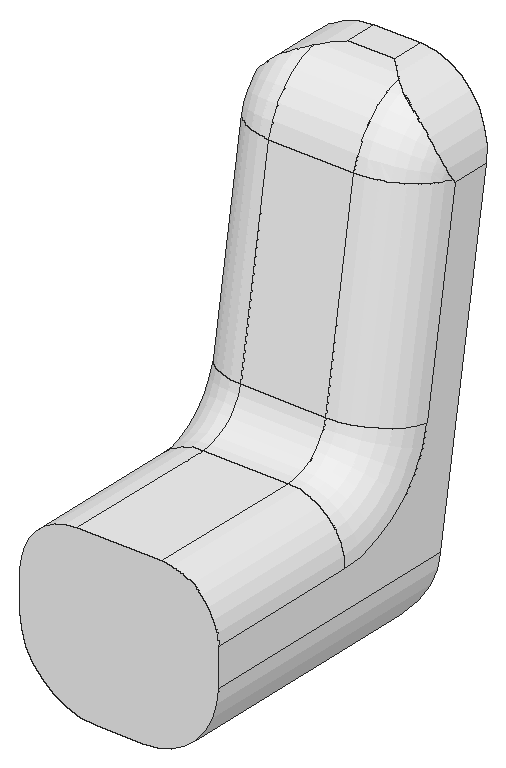
Revit family "LQ6010001_Percha", category Furniture, host Wall, Revit 2019
Family settings
  Host = Wall
  OmniClass Number = 23.31.25.19
  OmniClass Title = Restroom Paper Towel Accessories
  Always vertical = Yes
  Cut with Voids When Loaded = No
  Shared = No
  Room Calculation Point = No
Parameters (values of type "Type 1")
  Uso = "Residencial"  # constant formula
  URL = "https://corona.co/productos/accesorios/kit-de-accesorios/kit-por-6-accesorios-liquid/p/LQ6080001"
  Tecnologías = "DuraCrome"  # constant formula
  Resistencia = "Resistente a la corrosión\r\npelado y decoloración por agua\r\nResistencia al peso general hasta 9 kg\r\nResistencia al peso del toallero barra hasta 23 kg"  # constant formula
  Referencia = "LQ6030001"  # constant formula
  Profundidad = 36.8 mm  # constant formula
  Número de piezas = "6"  # constant formula
  Material = Corona_Cromado
  Manufacturer = "Corona"  # constant formula
  Línea = "Liquid"  # constant formula
  Garantía Acabados = "5 años en acabados"  # constant formula
  Garantía = "30 años en estructura"  # constant formula
  Fecha de creación = "13/08/2020"  # constant formula
  Description = "La línea de griferías, duchas y accesorios Liquid se inspira en la tensión superficial del agua y en cómo esta crea formas armoniosas adaptándose al ambiente. Al igual que el agua, las superficies de las griferías Liquid juegan con la luz y los reflejos que fluyen alrededor de sus formas. Sus líneas continuas y simplicidad formal proporcionan la ventaja práctica, limpieza sin esfuerzo."  # constant formula
  Creado por = "IDD"  # constant formula
  Componentes = "Percha - Toallero - Jabonera - Barra - Cepillera - Portarrollo"  # constant formula
  Colección = "Liquid"  # constant formula
  Ancho = 21 mm  # constant formula
  Altura = 900 mm
  Alto = 50.3 mm  # constant formula
Reference planes
  plane 1 "Wall": y = 0
  plane 2 "Center (Left/Right)": x = 125
  plane 3 "Back": y = 75
  plane 4: z = 900
  plane 5: x = 135.5
  plane 6: x = 114.5
  plane 7: z = 925.15
  plane 8: z = 874.85
  plane 9: y = 111.8
Text (mm)
  text "Placement Side" at (-1848.837, 1116.779, 0), in view "Ref. Level"
  text "Placement side" at (0, 1409.804, 2854.306), in view "Left"
  text "Placement side" at (0, 499.811, 2980.732), in view "Right"
Dimensions and locks
  locked: plane 3 "Back" to host wall
  equal spacing: plane 8, plane 4, plane 7
  "Alto": plane 8 to plane 7
  equal spacing: plane 6, plane 2 "Center (Left/Right)", plane 5
  "Ancho": plane 6 to plane 5
  "Profundidad": plane 9 to host wall
  plane 4 to plane 8 = 25.15 mm
  "Altura": plane 4 to level
  aligned and locked: plane 1 "Wall" to host wall
  aligned and locked: nested 1 to plane 7
  aligned and locked: nested 3 to plane 7
  aligned and locked: nested 3 to plane 5
  aligned and locked: nested 4 to plane 9
  aligned and locked: nested 4 to plane 5
  aligned and locked: plane 7 to nested 2
  aligned and locked: host wall to nested 2
Nested families
  nested 1: "Lateral" at (125, 75, 874.85) x (0, -1, 0) z (1, 0, 0), type "Lateral"
  nested 2: "Percha" at (114.5, 93.4, 874.85), type "Percha"
  nested 3: "Frontal" at (135.5, 0, 874.85) x (-1, 0, 0) z (0, -1, 0), type "Frontal"
  nested 4: "Planta" at (114.5, 75, 0), type "Planta"
Definition of nested family "Percha"
  Parameters (values of type "Portarrollo")
    Profundidad = 36.8 mm
    Material = none
    Ancho = 21 mm
    Alto = 50.3 mm
  Reference planes
    plane 1 "Center (Front/Back)": y = 0
    plane 2: z = 0
    plane 3 "Center (Left/Right)": x = 0
    plane 4: x = 21
    plane 5: y = 18.4
    plane 6: y = -18.4
    plane 7: z = 50.3
  Forms (mm)
    Extrusion 1, solid, material <- "Material", detail levels coarse
      sketch origin (0, 0, 0) x (1, 0, 0) y (0, 1, 0)
        loop
          line (0, 18.4) -> (0, -18.4) -> (21, -18.4) -> (21, 18.4) -> (0, 18.4)
      from 0 to 50.3
    Extrusion 2, solid, material <- "Material", detail levels medium+fine
      sketch origin (0, 0, 0) x (1, 0, 0) y (0, 0, 1)
        loop
          arc (8, 50.3) -> (2.343, 47.957) -> (0, 42.3) r 8
          line (0, 42.3) -> (0, 8)
          arc (0, 8) -> (2.343, 2.343) -> (8, 0) r 8
          line (8, 0) -> (13, 0)
          arc (13, 0) -> (18.657, 2.343) -> (21, 8) r 8
          line (21, 8) -> (21, 42.3)
          arc (21, 42.3) -> (18.657, 47.957) -> (13, 50.3) r 8
          line (13, 50.3) -> (8, 50.3)
      from -18.4 to 18.4
    Extrusion 3, void, detail levels medium+fine
      sketch origin (0, 0, 0) x (0, 1, 0) y (0, 0, 1)
        loop
          line (18.4, 50.3) -> (10.551, 5.784)
          arc (10.551, 5.784) -> (8.157, 1.638) -> (3.657, 0) r 7
          line (3.657, 0) -> (18.4, 0) -> (18.4, 50.3)
      from 0 to 250
    Sweep 4, void
      path origin (0, 0, 0) x (0, 1, 0) y (0, 0, 1)
        loop
          line (-18.4, 18) -> (-1.645, 18)
          arc (-1.645, 18) -> (1.569, 19.17) -> (3.279, 22.132) r 5
          line (3.279, 22.132) -> (7.08, 43.689)
          arc (7.08, 43.689) -> (9.816, 48.428) -> (14.959, 50.3) r 8
          line (14.959, 50.3) -> (18.4, 50.3)
      profile origin (0, -10.023, 18) x (0, 0, 1) y (1, 0, 0)
        loop
          arc (0, 6) -> (-1.757, 1.757) -> (-6, 0) r 6
          line (-6, 0) -> (2.9, 0) -> (2.9, 21) -> (-6, 21)
          arc (-6, 21) -> (-1.757, 19.243) -> (0, 15) r 6
          line (0, 15) -> (0, 6)
    Extrusion 5, void
      sketch origin (0, 0, 0) x (0, 1, 0) y (0, 0, 1)
        loop
          arc (4.225, 44.193) -> (5.39, 47.519) -> (7.556, 50.3) r 10.9
          line (7.556, 50.3) -> (-18.4, 50.3) -> (-18.4, 20.9) -> (-1.645, 20.9)
          arc (-1.645, 20.9) -> (-0.295, 21.391) -> (0.423, 22.635) r 2.1
          line (0.423, 22.635) -> (4.225, 44.193)
      from 0 to 250
  Cuts and joins
    Extrusion 3, Sweep 4, Extrusion 5 cuts Extrusion 2
  Dimensions and locks
    equal spacing: plane 5, plane 1 "Center (Front/Back)", plane 6
    "Profundidad": plane 5 to plane 6
    "Ancho": plane 3 "Center (Left/Right)" to plane 4
    "Alto": plane 7 to level
    aligned and locked: level to plane 2
    aligned and locked: Extrusion 1 sketch curve to plane 5
    aligned and locked: plane 4 to Extrusion 1 sketch curve
    aligned and locked: plane 6 to Extrusion 1 sketch curve
    aligned and locked: plane 7 to Extrusion 1
    aligned and locked: plane 5 to Extrusion 2
    aligned and locked: Extrusion 2 to plane 6
  Automatic sketch dimensions
    Extrusion 1 sketch curve to plane 3 "Center (Left/Right)" = 0 mm
    Extrusion 2 sketch curve to plane 3 "Center (Left/Right)" = 0 mm
    Extrusion 2 sketch curve to level = 0 mm
    Extrusion 2 sketch curve to plane 7 = 0 mm
    plane 4 to Extrusion 2 sketch curve = 0 mm
    plane 3 "Center (Left/Right)" to Extrusion 2 sketch curve = 8 mm  (x2)
    Extrusion 2 sketch curve to Extrusion 2 sketch curve = 5 mm  (x2)
    Extrusion 3 sketch curve to level = 0 mm
    Extrusion 3 sketch curve to plane 5 = 0 mm
    Extrusion 3 sketch curve to plane 7 = 0 mm
    Extrusion 3 sketch curve to plane 1 "Center (Front/Back)" = 3.657 mm
    level to Extrusion 3 sketch curve = 5.784 mm
    Extrusion 3 sketch curve to Extrusion 3 sketch curve = 6.894 mm
    Sweep 4 sketch curve to plane 6 = 0 mm
    Sweep 4 sketch curve to plane 7 = 0 mm
    Sweep 4 sketch curve to plane 5 = 0 mm
    plane 1 "Center (Front/Back)" to Sweep 4 sketch curve = 1.645 mm
    Sweep 4 sketch curve to plane 1 "Center (Front/Back)" = 3.279 mm
    Sweep 4 sketch curve to plane 1 "Center (Front/Back)" = 7.08 mm
    Sweep 4 sketch curve to plane 5 = 3.441 mm
    Sweep 4 sketch curve to plane 7 = 6.611 mm
    level to Sweep 4 sketch curve = 23 mm
    Sweep 4 sketch curve to Sweep 4 sketch curve = 0.868 mm
    Sweep 4 sketch curve to plane 3 "Center (Left/Right)" = 0 mm
    Sweep 4 sketch curve to profile plane = 0 mm
    plane 3 "Center (Left/Right)" to Sweep 4 sketch curve = 6 mm
    profile plane to Sweep 4 sketch curve = 6 mm
    Sweep 4 sketch curve to profile plane = 2.9 mm
    Sweep 4 sketch curve to Sweep 4 sketch curve = 9 mm
    Extrusion 5 sketch curve to plane 7 = 0 mm
    Extrusion 5 sketch curve to plane 1 "Center (Front/Back)" = 4.225 mm
    Extrusion 5 sketch curve to plane 5 = 3.441 mm
    Extrusion 5 sketch curve to plane 7 = 6.107 mm
    Extrusion 5 sketch curve to plane 7 = 8 mm
    Extrusion 5 sketch curve to plane 1 "Center (Front/Back)" = 0.423 mm
    plane 1 "Center (Front/Back)" to Extrusion 5 sketch curve = 1.645 mm
    Extrusion 5 sketch curve to Extrusion 5 sketch curve = 0.365 mm
    Extrusion 5 sketch curve to plane 6 = 0 mm
    level to Extrusion 5 sketch curve = 20.9 mm
Definition of nested family "Lateral"
  Reference planes
    plane 1 "Center (Front/Back)": y = 0
    plane 2: z = 0
    plane 3 "Center (Left/Right)": x = 0
    plane 4: y = 50.3
    plane 5: x = -36.8
  Lines and regions (mm)
    detail lines, in view "Ref. Level"
      curve 1: line (-36.739, 45.258, 0) -> (-29.633, 4.958, 0)
      curve 2: line (-23.724, 0, 0) -> (0, 0, 0)
      curve 3: line (0, 0, 0) -> (0, 25, 0)
      curve 4: line (0, 25, 0) -> (-20.496, 25, 0)
      curve 5: line (-23.45, 27.479, 0) -> (-26.891, 46.995, 0)
      curve 6: line (-31.525, 50.239, 0) -> (-33.495, 49.892, 0)
      curve 7: arc (-33.495, 49.892, 0) -> (-36.077, 48.247, 0) -> (-36.739, 45.258, 0) r 4
      curve 8: arc (-26.891, 46.995, 0) -> (-28.536, 49.577, 0) -> (-31.525, 50.239, 0) r 4
      curve 9: arc (-23.724, 0, 0) -> (-27.581, 1.404, 0) -> (-29.633, 4.958, 0) r 6
      curve 10: arc (-20.496, 25, 0) -> (-22.424, 25.702, 0) -> (-23.45, 27.479, 0) r 3
Definition of nested family "Frontal"
  Reference planes
    plane 1 "Center (Front/Back)": y = 0
    plane 2: z = 0
    plane 3 "Center (Left/Right)": x = 0
    plane 4: x = 21
    plane 5: y = 50.3
  Lines and regions (mm)
    detail lines, in view "Ref. Level"
      curve 1: line (13, 0, 0) -> (8, 0, 0)
      curve 2: line (21, 42.3, 0) -> (21, 8, 0)
      curve 3: line (8, 50.3, 0) -> (13, 50.3, 0)
      curve 4: line (0, 8, 0) -> (0, 42.3, 0)
      curve 5: arc (0, 42.3, 0) -> (2.343, 47.957, 0) -> (8, 50.3, 0) r 8
      curve 6: arc (13, 50.3, 0) -> (18.657, 47.957, 0) -> (21, 42.3, 0) r 8
      curve 7: arc (8, 0, 0) -> (2.343, 2.343, 0) -> (0, 8, 0) r 8
      curve 8: arc (21, 8, 0) -> (18.657, 2.343, 0) -> (13, 0, 0) r 8
Definition of nested family "Planta"
  Reference planes
    plane 1 "Center (Front/Back)": y = 0
    plane 2: z = 0
    plane 3 "Center (Left/Right)": x = 0
    plane 4: x = 21
    plane 5: y = 36.8
  Lines and regions (mm)
    detail lines, in view "Ref. Level"
      curve 1: line (21, 0, 0) -> (0, 0, 0)
      curve 2: line (21, 31.8, 0) -> (21, 0, 0)
      curve 3: line (5, 36.8, 0) -> (16, 36.8, 0)
      curve 4: line (0, 0, 0) -> (0, 31.8, 0)
      curve 5: arc (0, 31.8, 0) -> (1.464, 35.336, 0) -> (5, 36.8, 0) r 5
      curve 6: arc (16, 36.8, 0) -> (19.536, 35.336, 0) -> (21, 31.8, 0) r 5
      curve 7: line (3.763, 26.956, 0) -> (17.237, 26.956, 0)
